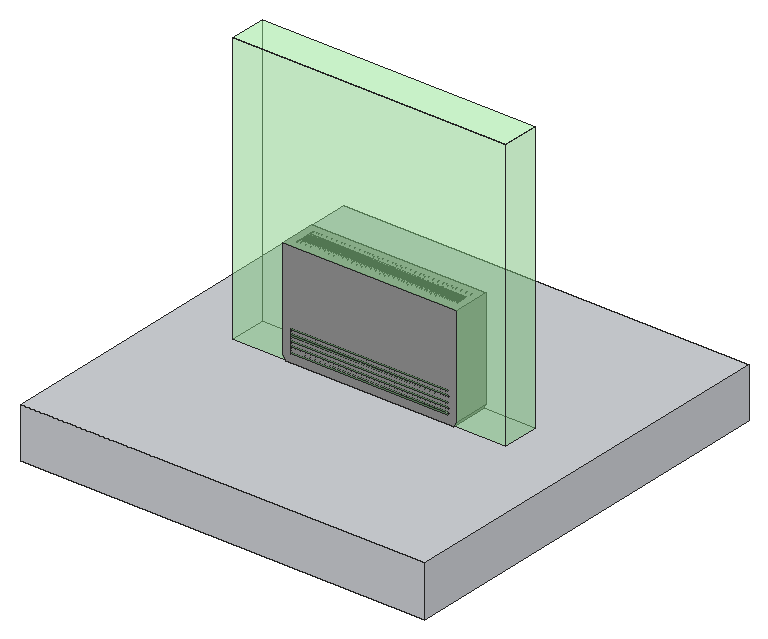
Revit family "RPF_FSN2E_1.0_to_2.5_LOD_400", category Equipement de génie climatique, Revit 2016
Family settings
  Hôte = Face
  Type d'élément = Normal
  Cote de connecteur circulaire = Utiliser le diamètre
  Numéro OmniClass = 23.75.00.00
  Titre OmniClass = Climate Control (HVAC)
  Couper avec des vides une fois chargée = Non
  Partagée = Non
  Point de calcul de pièce = Non
Parameters (values of type "RPF FSN2E 1.0")
  Usage Current = 5 A
  Sound pressure level Speed (high/medium/low) dB (A) = "35/32/29"
  Sound power max (dB(A)) = 35
  Sound power level dB (A) = "57"
  Sound power at minimal load (dB(A)) = 29
  Sound power at medium load (dB(A)) = "32"
  Refrigerant = "R410A (factory-charged corrosion-proof nitrogen)"
  Overall Width = 1045 mm
  Overall Height = 630 mm
  Overall Depth = 220 mm
  Number of Poles = "1"
  Nominal Voltage = 230 V
  Minimum AC Voltage = 207 V
  Maximum AC Voltage = 253 V
  Mass = 25.00 kg
  Operation and service space [instance] = yes
  Modèle = "RPF FSN2E"
  Minimum Air Flow = 6000.0 L/min
  Maximum Air Flow = 8500.0 L/min
  Void width = 157 mm
  Heating Capacity = 2.8 kW
  Frequency = 50 Hz
  Diamètre Gaz Entrée = 15 mm
  Diamètre Eau Sortie = 20 mm
  Diamètre Eau Entrée = 6 mm
  Fan motor input = 20 W
  Fabricant = "HITACHI"
  Default Elevation = 1219.2 mm
  Cooling Capacity = 2.5 kW
  Color = "Spring white (4.1Y8.5/0.7)"
  BC_OBJECT_ID = "6676"  # constant formula
  Air Flow (HiH/Hi/Me/low) m3/min = "8.5/7/6"
Types (4, lengths in mm): name | Sound pressure level Speed (high/medium/low) dB (A) | Sound power max (dB(A)) | Sound power level dB (A) | Sound power at minimal load (dB(A)) | Sound power at medium load (dB(A)) | Overall Width | Mass | Minimum Air Flow | Maximum Air Flow | Heating Capacity | Diamètre Gaz Entrée | Diamètre Eau Entrée | Fan motor input | Cooling Capacity | Air Flow (HiH/Hi/Me/low) m3/min
  RPF FSN2E 1.0 | "35/32/29" | 35 | "57" | 29 | "32" | 1045 | 25.00 kg | 6000.0 L/min | 8500.0 L/min | 2.8 kW | 15 | 6 | 20 W | 2.5 kW | "8.5/7/6"
  RPF FSN2E 2.5 | "42/38/34" | 42 | "60" | 34 | "38" | 1420 | 34.00 kg | 11000.0 L/min | 16000.0 L/min | 6.3 kW | 18 | 10 | 45 W | 5.6 kW | "16/14/11"
  RPF FSN2E 2.0 | "39/36/32" | 39 | "60" | 32 | "36" | 1420 | 33.00 kg | 11000.0 L/min | 16000.0 L/min | 5.6 kW | 18 | 6 | 45 W | 5 kW | "16/14/11"
  RPF FSN2E 1.5 | "38/35/31" | 38 | "60" | 31 | "35" | 1170 | 28.00 kg | 6000.0 L/min | 8500.0 L/min | 4 kW | 15 | 6 | 28 W | 3.6 kW | "8.5/7/6"
Reference planes
  plane 1 "Centre (avant/arrière)": y = 0
  plane 2: z = 0
  plane 3 "Centre (gauche/droite)": x = 0
  plane 4 "AVANT": y = 110
  plane 5 "DROITE": x = 522.5
  plane 6 "GAUCHE": x = -522.5
  plane 7 "ARRIERE": y = -110
  plane 8: z = -285
  plane 9 "AVANT FACADE": y = 522.5
  plane 10 "ARRIER FACADE": y = -522.5
  plane 11 "GAUCHE FACADE": x = -310
  plane 12 "DROIT FACADE": x = 332.5
  plane 13 "Facade": z = 630
  plane 14: x = 359.5
  plane 15: x = 366.5
  plane 16: x = 340.5
  plane 17: y = 78.5
  plane 18: y = -78.5
  plane 19 "L1": z = 1630
  plane 20 "A": x = -822.5
  plane 21 "B": x = 822.5
  plane 22 "Top": z = 630
Forms (mm)
  Extrusion 1, solid
    sketch origin (0, 0, 0) x (1, 0, 0) y (0, 1, 0)
      loop
        line (-1219.2, 1219.2) -> (-1219.2, -1219.2) -> (1219.2, -1219.2) -> (1219.2, 1219.2) -> (-1219.2, 1219.2)
    from 0 to -304.8
  Extrusion 2, solid, material "Plastic, Opaque White"
    sketch origin (0, 0, 0) x (1, 0, 0) y (0, 1, 0)
      loop
        line (-522.5, -110) -> (522.5, -110) -> (522.5, 110) -> (-522.5, 110) -> (-522.5, -110)
    from 0 to 630
  Extrusion 3, void
    sketch origin (0, 110, 0) x (-1, 0, 0) y (0, 0, 1)
      loop
        line (-332.5, 20) -> (-332.5, 604.963) -> (-510.476, 604.963) -> (-510.476, 20) -> (-332.5, 20)
    from -188.5 to -31.5
  Extrusion 4, solid, material "Copper"
    sketch origin (332.5, 0, 0) x (0, 1, 0) y (0, 0, 1)
      loop
        circle (58, 529) r 3
    from 0 to 27
  Extrusion 5, solid, material "Copper"
    sketch origin (332.5, 0, -90) x (0, 1, 0) y (0, 0, 1)
      loop
        circle (-23, 478) r 7.5
    from 0 to 34
  Extrusion 6, solid, material "Plastic, Opaque White"
    sketch origin (332.5, 0, -210) x (0, 1, 0) y (0, 0, 1)
      loop
        circle (-24, 476) r 10
    from 0 to 8
  Extrusion 7, void
    sketch origin (0, 110, 0) x (-1, 0, 0) y (0, 0, 1)
      loop
        line (522.5, 0) -> (522.5, 25) -> (508.066, 0) -> (522.5, 0)
      loop
        line (-522.5, 0) -> (-508.066, 0) -> (-522.5, 25) -> (-522.5, 0)
    from -220 to 0
  Extrusion 8, void
    sketch origin (0, -110, 0) x (1, 0, 0) y (0, 0, 1)
      loop
        line (-477.5, 185.361) -> (-477.5, 177.361) -> (477.5, 177.361) -> (477.5, 185.361) -> (-477.5, 185.361)
      loop
        line (-477.5, 172.361) -> (-477.5, 164.361) -> (477.5, 164.361) -> (477.5, 172.361) -> (-477.5, 172.361)
      loop
        line (-477.5, 159.361) -> (-477.5, 151.361) -> (477.5, 151.361) -> (477.5, 159.361) -> (-477.5, 159.361)
      loop
        line (-477.5, 146.361) -> (-477.5, 138.361) -> (477.5, 138.361) -> (477.5, 146.361) -> (-477.5, 146.361)
      loop
        line (-477.5, 133.361) -> (-477.5, 125.361) -> (477.5, 125.361) -> (477.5, 133.361) -> (-477.5, 133.361)
      loop
        line (-477.5, 120.361) -> (-477.5, 112.361) -> (477.5, 112.361) -> (477.5, 120.361) -> (-477.5, 120.361)
      loop
        line (-477.5, 107.361) -> (-477.5, 99.361) -> (477.5, 99.361) -> (477.5, 107.361) -> (-477.5, 107.361)
      loop
        line (-477.5, 94.361) -> (-477.5, 86.361) -> (477.5, 86.361) -> (477.5, 94.361) -> (-477.5, 94.361)
      loop
        line (-477.5, 81.361) -> (-477.5, 73.361) -> (477.5, 73.361) -> (477.5, 81.361) -> (-477.5, 81.361)
      loop
        line (-477.5, 68.361) -> (-477.5, 60.361) -> (477.5, 60.361) -> (477.5, 68.361) -> (-477.5, 68.361)
      loop
        line (-477.5, 55.561) -> (-477.5, 47.361) -> (477.5, 47.361) -> (477.5, 55.561) -> (-477.5, 55.561)
    from 0 to -45
  Extrusion 9, void
    sketch origin (0, 0, 630) x (1, 0, 0) y (0, 1, 0)
      loop
        line (-477.5, 65) -> (-477.5, 57) -> (477.5, 57) -> (477.5, 65) -> (-477.5, 65)
      loop
        line (-477.5, 54) -> (-477.5, 46) -> (477.5, 46) -> (477.5, 54) -> (-477.5, 54)
      loop
        line (-477.5, 43) -> (-477.5, 35) -> (477.5, 35) -> (477.5, 43) -> (-477.5, 43)
      loop
        line (-477.5, 32) -> (-477.5, 24) -> (477.5, 24) -> (477.5, 32) -> (-477.5, 32)
      loop
        line (-477.5, 21) -> (-477.5, 13) -> (477.5, 13) -> (477.5, 21) -> (-477.5, 21)
      loop
        line (-477.5, 10) -> (-477.5, 2) -> (477.5, 2) -> (477.5, 10) -> (-477.5, 10)
      loop
        line (-477.5, -1) -> (-477.5, -9) -> (477.5, -9) -> (477.5, -1) -> (-477.5, -1)
      loop
        line (-477.5, -12) -> (-477.5, -20) -> (477.5, -20) -> (477.5, -12) -> (-477.5, -12)
      loop
        line (-477.5, -23) -> (-477.5, -31) -> (477.5, -31) -> (477.5, -23) -> (-477.5, -23)
      loop
        line (-477.5, -34) -> (-477.5, -42) -> (477.5, -42) -> (477.5, -34) -> (-477.5, -34)
      loop
        line (-477.5, -45) -> (-477.5, -53) -> (477.5, -53) -> (477.5, -45) -> (-477.5, -45)
      loop
        line (-477.5, -56) -> (-477.5, -62.955) -> (477.5, -62.955) -> (477.5, -56) -> (-477.5, -56)
    from 0 to -50
  Extrusion 10, solid, material "Operation and service space"
    sketch origin (0, 0, 0) x (1, 0, 0) y (0, 1, 0)
      loop
        line (-822.5, 110) -> (-822.5, -110) -> (822.5, -110) -> (822.5, 110) -> (-822.5, 110)
    from 0 to 1630
Cuts and joins
  Extrusion 3, Extrusion 7, Extrusion 8, Extrusion 9 cuts Extrusion 2
Lines and regions (mm)
  model lines
    curve 1: line (-477.5, -110, 45.361) -> (477.5, -110, 45.361)
    curve 2: line (477.5, -110, 185.361) -> (-477.5, -110, 185.361)
    curve 3: line (-477.5, -110, 185.361) -> (-477.5, -110, 45.361)
    curve 4: line (477.5, -110, 185.361) -> (477.5, -110, 45.361)
    curve 5: line (-477.5, 65, 630) -> (477.5, 65, 630)
    curve 6: line (-477.5, -65, 630) -> (-477.5, 65, 630)
    curve 7: line (477.5, -65, 630) -> (-477.5, -65, 630)
    curve 8: line (477.5, 65, 630) -> (477.5, -65, 630)
    curve 21: line (-477.5, -110, 177.361) -> (477.5, -110, 177.361)
    curve 22: line (-477.5, -110, 172.561) -> (477.5, -110, 172.561)
    curve 23: line (-477.5, -110, 164.361) -> (477.5, -110, 164.361)
    curve 24: line (-477.5, -110, 159.561) -> (477.5, -110, 159.561)
    curve 25: line (-477.5, -110, 151.361) -> (477.5, -110, 151.361)
    curve 26: line (-477.5, -110, 146.561) -> (477.5, -110, 146.561)
    curve 27: line (-477.5, -110, 138.361) -> (477.5, -110, 138.361)
    curve 28: line (-477.5, -110, 133.561) -> (477.5, -110, 133.561)
    curve 29: line (-477.5, -110, 125.361) -> (477.5, -110, 125.361)
    curve 30: line (-477.5, -110, 120.561) -> (477.5, -110, 120.561)
    curve 31: line (-477.5, -110, 112.361) -> (477.5, -110, 112.361)
    curve 32: line (-477.5, -110, 107.561) -> (477.5, -110, 107.561)
    curve 33: line (-477.5, -110, 99.361) -> (477.5, -110, 99.361)
    curve 34: line (-477.5, -110, 94.561) -> (477.5, -110, 94.561)
    curve 35: line (-477.5, -110, 86.361) -> (477.5, -110, 86.361)
    curve 36: line (-477.5, -110, 81.561) -> (477.5, -110, 81.561)
    curve 37: line (-477.5, -110, 73.361) -> (477.5, -110, 73.361)
    curve 38: line (-477.5, -110, 68.561) -> (477.5, -110, 68.561)
    curve 39: line (-477.5, -110, 60.361) -> (477.5, -110, 60.361)
    curve 40: line (-477.5, -110, 55.561) -> (477.5, -110, 55.561)
    curve 41: line (-477.5, -110, 47.361) -> (477.5, -110, 47.361)
    curve 42: line (-477.5, 57, 630) -> (477.5, 57, 630)
    curve 43: line (-477.5, 54, 630) -> (477.5, 54, 630)
    curve 44: line (-477.5, 46, 630) -> (477.5, 46, 630)
    curve 45: line (-477.5, 43, 630) -> (477.5, 43, 630)
    curve 46: line (-477.5, 35, 630) -> (477.5, 35, 630)
    curve 47: line (-477.5, 32, 630) -> (477.5, 32, 630)
    curve 48: line (-477.5, 24, 630) -> (477.5, 24, 630)
    curve 49: line (-477.5, 21, 630) -> (477.5, 21, 630)
    curve 50: line (-477.5, 13, 630) -> (477.5, 13, 630)
    curve 51: line (-477.5, 10, 630) -> (477.5, 10, 630)
    curve 52: line (-477.5, 2, 630) -> (477.5, 2, 630)
    curve 53: line (-477.5, -1, 630) -> (477.5, -1, 630)
    curve 54: line (-477.5, -9, 630) -> (477.5, -9, 630)
    curve 55: line (-477.5, -12, 630) -> (477.5, -12, 630)
    curve 56: line (-477.5, -20, 630) -> (477.5, -20, 630)
    curve 57: line (-477.5, -23, 630) -> (477.5, -23, 630)
    curve 58: line (-477.5, -31, 630) -> (477.5, -31, 630)
    curve 59: line (-477.5, -34, 630) -> (477.5, -34, 630)
    curve 60: line (-477.5, -42, 630) -> (477.5, -42, 630)
    curve 61: line (-477.5, -45, 630) -> (477.5, -45, 630)
    curve 62: line (-477.5, -53, 630) -> (477.5, -53, 630)
    curve 63: line (-477.5, -56, 630) -> (477.5, -56, 630)
    curve 64: line (-477.5, -62.955, 630) -> (477.5, -62.955, 630)
  model lines, style "MechanicalEquipmentHiddenLines", visible <- "Operation and service space"
    curve 9: line (-822.5, 110, 1630) -> (822.5, 110, 1630)
    curve 10: line (-822.5, -110, 1630) -> (-822.5, 110, 1630)
    curve 11: line (822.5, -110, 1630) -> (-822.5, -110, 1630)
    curve 12: line (822.5, 110, 1630) -> (822.5, -110, 1630)
    curve 13: line (-822.5, 110, 0) -> (822.5, 110, 0)
    curve 14: line (-822.5, -110, 0) -> (-822.5, 110, 0)
    curve 15: line (822.5, -110, 0) -> (-822.5, -110, 0)
    curve 16: line (822.5, 110, 0) -> (822.5, -110, 0)
    curve 17: line (-822.5, -110, 1630) -> (-822.5, -110, 0)
    curve 18: line (-822.5, 110, 1630) -> (-822.5, 110, 0)
    curve 19: line (822.5, -110, 1630) -> (822.5, -110, 0)
    curve 20: line (822.5, 110, 0) -> (822.5, 110, 1630)
Dimensions and locks
  equal spacing: plane 6 "GAUCHE", plane 3 "Centre (gauche/droite)", plane 5 "DROITE"
  equal spacing: plane 7 "ARRIERE", plane 1 "Centre (avant/arrière)", plane 4 "AVANT"
  "Overall Width": plane 6 "GAUCHE" to plane 5 "DROITE"
  "Overall Depth": plane 4 "AVANT" to plane 7 "ARRIERE"
  "Overall Height": plane 13 "Facade" to plane 2
  plane 12 "DROIT FACADE" to plane 5 "DROITE" = 190 mm
  Extrusion 4 sketch curve to plane 4 "AVANT" = 52 mm
  Extrusion 4 sketch curve to plane 2 = 529 mm
  Extrusion 5 sketch curve to plane 2 = 388 mm
  Extrusion 5 sketch curve to plane 4 "AVANT" = 133 mm
  Extrusion 6 sketch curve to plane 2 = 266 mm
  Extrusion 6 sketch curve to plane 4 "AVANT" = 134 mm
  plane 14 to plane 5 "DROITE" = 163 mm
  plane 15 to plane 5 "DROITE" = 156 mm
  plane 16 to plane 5 "DROITE" = 182 mm
  "Void width": plane 17 to plane 18
  equal spacing: plane 18, plane 1 "Centre (avant/arrière)", plane 17
  locked: curve 2 to curve 1 at 140
  curve 1 to Extrusion 1 = 45.361 mm
  locked: cut or joined group of Extrusion 2, Extrusion 3, Extrusion 7, Extrusion 8, Extrusion 9 to curve 3 at 45
  locked: cut or joined group of Extrusion 2, Extrusion 3, Extrusion 7, Extrusion 8, Extrusion 9 to curve 4 at 45
  equal spacing: curve 5, plane 1 "Centre (avant/arrière)", curve 7
  equal spacing: curve 6, plane 3 "Centre (gauche/droite)", curve 8
  locked: cut or joined group of Extrusion 2, Extrusion 3, Extrusion 7, Extrusion 8, Extrusion 9 to curve 5 at 45
  locked: cut or joined group of Extrusion 2, Extrusion 3, Extrusion 7, Extrusion 8, Extrusion 9 to curve 6 at 45
  locked: plane 6 "GAUCHE" to plane 20 "A" at 300
  locked: plane 21 "B" to plane 5 "DROITE" at 300
  locked: plane 19 "L1" to plane 13 "Facade" at 1000
  curve 2 to curve 21 = 8 mm
  "Diamètre Eau Entrée": diameter of Extrusion 4 sketch curve
  "Diamètre Gaz Entrée": diameter of Extrusion 5 sketch curve
  "Diamètre Eau Sortie": diameter of Extrusion 6 sketch curve
  aligned and locked: plane 2 to Extrusion 1
  aligned and locked: level to Extrusion 1
  aligned and locked: Extrusion 2 sketch curve to plane 6 "GAUCHE"
  aligned and locked: Extrusion 2 sketch curve to plane 7 "ARRIERE"
  aligned and locked: Extrusion 2 sketch curve to plane 5 "DROITE"
  aligned and locked: Extrusion 2 to plane 13 "Facade"
  aligned and locked: plane 12 "DROIT FACADE" to Extrusion 3 sketch curve
  aligned and locked: plane 14 to Extrusion 4
  aligned and locked: plane 15 to Extrusion 5
  aligned and locked: plane 16 to Extrusion 6
  aligned and locked: plane 17 to Extrusion 3
  aligned and locked: plane 18 to Extrusion 3
  aligned and locked: plane 7 "ARRIERE" to Extrusion 7
  aligned and locked: plane 4 "AVANT" to Extrusion 7
  aligned and locked: curve 13 to plane 4 "AVANT"
  aligned and locked: plane 20 "A" to curve 14
  aligned and locked: curve 15 to plane 7 "ARRIERE"
  aligned and locked: curve 16 to plane 21 "B"
  aligned and locked: curve 17 to curve 14
  aligned and locked: Extrusion 8 sketch curve to curve 2
  aligned and locked: Extrusion 8 sketch curve to curve 3  (x3)
  aligned and locked: Extrusion 8 sketch curve to curve 4
  aligned and locked: Extrusion 8 sketch curve to curve 21
  aligned and locked: Extrusion 8 sketch curve to curve 40
  aligned and locked: curve 4 to Extrusion 8 sketch curve  (x10)
  aligned and locked: Extrusion 9 sketch curve to curve 5
  aligned and locked: curve 6 to Extrusion 9 sketch curve  (x2)
  aligned and locked: Extrusion 9 sketch curve to curve 42
  aligned and locked: Extrusion 9 sketch curve to curve 8
  aligned and locked: Extrusion 9 sketch curve to curve 63
  aligned and locked: Extrusion 9 sketch curve to curve 64
  aligned and locked: curve 8 to Extrusion 9 sketch curve  (x11)
  aligned and locked: Extrusion 10 sketch curve to curve 13
  aligned and locked: Extrusion 10 sketch curve to curve 14
  aligned and locked: Extrusion 10 sketch curve to curve 15
  aligned and locked: Extrusion 10 sketch curve to curve 16
  aligned and locked: plane 19 "L1" to Extrusion 10
Automatic sketch dimensions
  Extrusion 1 sketch curve to Extrusion 1 sketch curve = 2438.4 mm  (x2)
  Extrusion 7 sketch curve to level = 0 mm  (x2)
  Extrusion 7 sketch curve to plane 5 "DROITE" = 0 mm
  plane 6 "GAUCHE" to Extrusion 7 sketch curve = 0 mm
  Extrusion 7 sketch curve to plane 5 "DROITE" = 14.434 mm
  Extrusion 7 sketch curve to plane 6 "GAUCHE" = 14.434 mm
  Extrusion 7 sketch curve to Extrusion 7 sketch curve = 25 mm
  level to Extrusion 7 sketch curve = 25 mm
  Extrusion 2 sketch curve to plane 4 "AVANT" = 0 mm
  Extrusion 3 sketch curve to plane 5 "DROITE" = 12.024 mm
  level to Extrusion 3 sketch curve = 20 mm
  Extrusion 3 sketch curve to plane 13 "Facade" = 25.037 mm
  curve 1 to curve 41 = 2 mm
  curve 41 to curve 40 = 8.2 mm
  curve 40 to curve 39 = 4.8 mm
  curve 39 to curve 38 = 8.2 mm
  curve 38 to curve 37 = 4.8 mm
  curve 37 to curve 36 = 8.2 mm
  curve 36 to curve 35 = 4.8 mm
  curve 35 to curve 34 = 8.2 mm
  curve 34 to curve 33 = 4.8 mm
  curve 33 to curve 32 = 8.2 mm
  curve 32 to curve 31 = 4.8 mm
  curve 31 to curve 30 = 8.2 mm
  curve 30 to curve 29 = 4.8 mm
  curve 29 to curve 28 = 8.2 mm
  curve 28 to curve 27 = 4.8 mm
  curve 27 to curve 26 = 8.2 mm
  curve 26 to curve 25 = 4.8 mm
  curve 25 to curve 24 = 8.2 mm
  curve 24 to curve 23 = 4.8 mm
  curve 22 to curve 21 = 4.8 mm
  curve 9 to plane 4 "AVANT" = 0 mm
  curve 9 to plane 21 "B" = 0 mm
  plane 7 "ARRIERE" to curve 11 = 0 mm
  curve 11 to plane 20 "A" = 0 mm
  curve 18 to level = 0 mm
  curve 18 to plane 4 "AVANT" = 0 mm
  curve 18 to plane 19 "L1" = 0 mm
  curve 17 to plane 7 "ARRIERE" = 0 mm
  curve 17 to plane 19 "L1" = 0 mm
  curve 19 to level = 0 mm
  curve 20 to level = 0 mm
  curve 20 to plane 4 "AVANT" = 0 mm
  curve 20 to plane 19 "L1" = 0 mm
  curve 19 to plane 7 "ARRIERE" = 0 mm
  curve 19 to plane 19 "L1" = 0 mm
  Extrusion 8 sketch curve to Extrusion 8 sketch curve = 0 mm  (x8)
  Extrusion 8 sketch curve to Extrusion 8 sketch curve = 8.2 mm
  Extrusion 8 sketch curve to Extrusion 8 sketch curve = 4.8 mm
  Extrusion 8 sketch curve to Extrusion 8 sketch curve = 8 mm  (x8)
  Extrusion 8 sketch curve to Extrusion 8 sketch curve = 5 mm  (x9)
  curve 42 to plane 17 = 21.5 mm
  curve 42 to plane 5 "DROITE" = 45 mm
  curve 62 to plane 5 "DROITE" = 45 mm
  curve 43 to curve 42 = 0 mm
  curve 61 to curve 62 = 0 mm
  curve 44 to curve 43 = 0 mm
  curve 60 to curve 61 = 0 mm
  curve 45 to curve 44 = 0 mm
  curve 59 to curve 60 = 0 mm
  curve 46 to curve 45 = 0 mm
  curve 58 to curve 59 = 0 mm
  curve 47 to curve 46 = 0 mm
  curve 57 to curve 58 = 0 mm
  curve 48 to curve 47 = 0 mm
  curve 56 to curve 57 = 0 mm
  curve 49 to curve 48 = 0 mm
  curve 55 to curve 56 = 0 mm
  curve 50 to curve 49 = 0 mm
  curve 54 to curve 55 = 0 mm
  curve 51 to curve 50 = 0 mm
  plane 1 "Centre (avant/arrière)" to curve 53 = 1 mm
  curve 53 to curve 54 = 0 mm
  curve 64 to plane 18 = 15.545 mm
  curve 64 to plane 6 "GAUCHE" = 45 mm
  curve 53 to plane 6 "GAUCHE" = 45 mm
  curve 52 to curve 53 = 0 mm  (x2)
  curve 54 to curve 53 = 0 mm
  curve 51 to curve 52 = 0 mm
  curve 55 to curve 54 = 0 mm
  curve 50 to curve 51 = 0 mm
  curve 56 to curve 55 = 0 mm
  curve 49 to curve 50 = 0 mm
  curve 57 to curve 56 = 0 mm
  curve 48 to curve 49 = 0 mm
  curve 58 to curve 57 = 0 mm
  curve 47 to curve 48 = 0 mm
  curve 59 to curve 58 = 0 mm
  curve 46 to curve 47 = 0 mm
  curve 60 to curve 59 = 0 mm
  curve 45 to curve 46 = 0 mm
  curve 61 to curve 60 = 0 mm
  curve 44 to curve 45 = 0 mm
  curve 62 to curve 61 = 0 mm
  curve 43 to curve 44 = 0 mm
  curve 63 to curve 62 = 0 mm  (x2)
  curve 42 to curve 43 = 0 mm
  curve 64 to curve 63 = 0 mm
  curve 43 to curve 42 = 3 mm
  curve 44 to curve 43 = 8 mm
  curve 45 to curve 44 = 3 mm
  curve 46 to curve 45 = 8 mm
  curve 47 to curve 46 = 3 mm
  curve 48 to curve 47 = 8 mm
  curve 49 to curve 48 = 3 mm
  curve 50 to curve 49 = 8 mm
  curve 51 to curve 50 = 3 mm
  curve 52 to plane 1 "Centre (avant/arrière)" = 2 mm
  curve 54 to curve 53 = 8 mm
  curve 55 to curve 54 = 3 mm
  curve 56 to curve 55 = 8 mm
  curve 57 to curve 56 = 3 mm
  curve 58 to curve 57 = 8 mm
  curve 59 to curve 58 = 3 mm
  curve 60 to curve 59 = 8 mm
  curve 61 to curve 60 = 3 mm
  curve 62 to curve 61 = 8 mm
  curve 63 to curve 62 = 3 mm
  Extrusion 9 sketch curve to Extrusion 9 sketch curve = 0 mm  (x10)
  Extrusion 9 sketch curve to plane 1 "Centre (avant/arrière)" = 2 mm
  plane 1 "Centre (avant/arrière)" to Extrusion 9 sketch curve = 1 mm
  Extrusion 9 sketch curve to Extrusion 9 sketch curve = 3 mm  (x10)
  Extrusion 9 sketch curve to Extrusion 9 sketch curve = 8 mm  (x8)
Connectors
  piping at (359.5, 58, 529), diameter 6, driven by "Diamètre Eau Entrée"
    settings: on Extrusion 4, index 1, connector inside diameter 609.6 mm, connector length 0 mm, flow factor 0, pipe flow 0.0 L/s, pressure drop 0.0 Pa, fitting loss kfactor 0, connector angle 0.00°, fixture units 0, engagement length 0 mm, angle of deflection 0.00°, flow configuration 0, flow direction 0, fitting loss method 0, system type 29, joint type 0, gender type 0, connector reference index -1, connector utility 0, adjustable connector no, is connector primary yes, connector description ""
  piping at (366.5, -23, 388), diameter 15, driven by "Diamètre Gaz Entrée"
    settings: on Extrusion 5, index 2, connector inside diameter 609.6 mm, connector length 0 mm, flow factor 0, pipe flow 0.0 L/s, pressure drop 0.0 Pa, fitting loss kfactor 0, connector angle 0.00°, fixture units 0, engagement length 0 mm, angle of deflection 0.00°, flow configuration 0, flow direction 0, fitting loss method 0, system type 29, joint type 0, gender type 0, connector reference index -1, connector utility 0, adjustable connector no, is connector primary no, connector description ""
  piping at (340.5, -24, 266), diameter 20, driven by "Diamètre Eau Sortie"
    settings: on Extrusion 6, index 3, connector inside diameter 609.6 mm, connector length 0 mm, flow factor 0, pipe flow 0.0 L/s, pressure drop 0.0 Pa, fitting loss kfactor 0, connector angle 0.00°, fixture units 0, engagement length 0 mm, angle of deflection 0.00°, flow configuration 0, flow direction 0, fitting loss method 0, system type 16, joint type 0, gender type 0, connector reference index -1, connector utility 0, adjustable connector no, is connector primary no, connector description ""
  electrical at (-522.5, 0, 327.5), driven by "Nominal Voltage"
    settings: on cut or joined group of Extrusion 2, Extrusion 3, Extrusion 7, Extrusion 8, Extrusion 9, index 4, voltage 230 V, apparent load 0 VA, apparent load phase1 0 VA, apparent load phase2 0 VA, apparent load phase3 0 VA, power factor 1, load classification "Autre", number of poles 1, system type 30, power factor state 1, is connector primary yes, connector utility no, sub classification motor no, connector description ""
